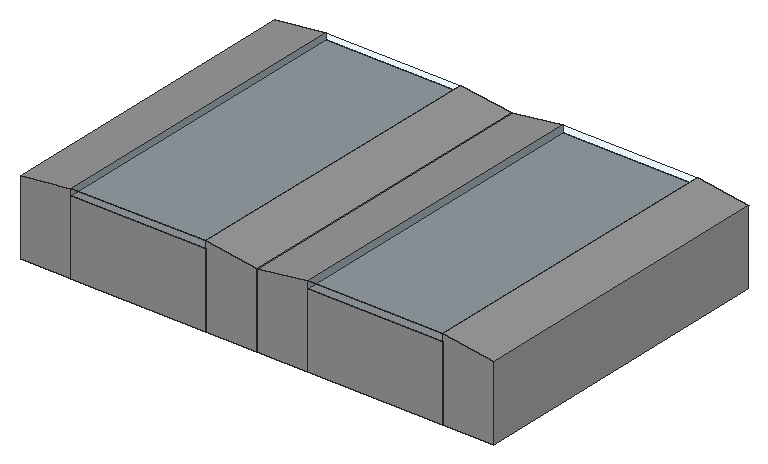
Revit family "ElectricalEquipment_Hager_TPNLighting&Power_125ADualMeterIncomerKits", category Electrical Equipment, host Face, Revit 2015
Parameters (values of type "JKD125PM")
  _DistributedBy = "www.bimstore.co.uk"
  _CurrentRevision = 0
  _CreatedBy = "MajentaSolutions"
  _BimstoreBibleVersion = "V14"
  _BimSpecGuid = 0
  _Author = "MajentaSolutions"
  WarrantyStartDate [instance] = ""
  WarrantyGuarantorParts = "2"
  WarrantyGuarantorLabor = ""
  WarrantyDurationUnit = "Years"
  WarrantyDurationParts = 2
  WarrantyDurationLabor = 0
  WarrantyDescription = "See Manufacturer"
  Voltage = "230V"
  URL = "http://www.hager.co.uk/"
  TypeName = Category  # "ElectricalEquipment"
  Type Comments = Model  # "JKD125PM"
  TagNumber [instance] = ""
  SustainabilityPerformance = ""
  Size = ""
  built-in parameter 1140080 [instance] = "16kA"
  Shape = "Rectangular"
  ServiceLifeDuration = 0
  SerialNumber [instance] = ""
  ReplacementCost = 0
  Outgoing = "63A"
  NominalWidth = 930 mm
  NominalLength = 0 mm  # constant formula
  NominalHeight = 625 mm
  NominalDepth = 165.5 mm
  Neutral Rating = 1  # 100.00%
  NBSReference = ClassificationValue  # "Pr_80_77_28_16"
  NBSOfficeMasterTag = "n/a"
  NBSObjectName = "Hager_DualMeteredBoards_JKD125PM"
  NBSNote = ""
  NBSDescription = Category  # "ElectricalEquipment"
  built-in parameter 1140081 [instance] = "ElectricalEquipment"
  ModelReference = ""
  ModelNumber = ""
  ModelLabel = ""
  Model = "JKD125PM"
  Material = "MildSteel,ABS,AcousticComposite"
  ManufacturerName = Manufacturer  # "Hager"
  Manufacturer = "Hager"
  Mains Type = "AC"
  Keynote = "V"
  InstallationDate [instance] = ""
  Incoming = "125A"
  IfcExportType = ""
  IfcExportAs = "ElectricalEquipment"
  Grade = ""
  Finish = ""
  Features = Description  # "125ADualMultiFunctionMeteredIncomer.PulsedAndModbus.SideBySide"
  ExpectedLife = 10
  EAN = "3250610433461"
  DurationUnit = "Years"
  DocumentationTechnical = "http://www.hager.co.uk/product-catalogue/energy-distribution/consumer-units/design-range-of-consumer-units/design-10/51386.htm"
  DocumentationMaintenance = ""
  DocumentationLiterature = "http://www.hager.co.uk/product-catalogue/energy-distribution/consumer-units/design-range-of-consumer-units/design-10/51386.htm"
  DocumentationInstallationGuide = ""
  DocumentationCertificates = ""
  Description = "125ADualMultiFunctionMeteredIncomer.PulsedAndModbus.SideBySide"
  Default Elevation = 500 mm
  CreatedOn = "22.06.17"
  CreatedBy = "MajentaSolutions"
  Constituents = ""
  Colour = "RAL 9010 White Gloss"
  CodePerformance = ""
  ClassificationValue = "Pr_80_77_28_16"
  ClassificationName = "Uniclass2015"
  Category = "ElectricalEquipment"
  BarCode [instance] = ""
  BIMObjectName = "Hager_ElectricalEquipment_DualMeteredBoards_JKD125PM"
  AssetType = "Fixed"
  AssetIdentifier [instance] = ""
  Assembly Code = "D5010"
  AccessibilityPerformance = ""
Reference planes
  plane 1 "Center (Front/Back)": y = 0
  plane 2: z = 0
  plane 3 "Center (Left/Right)": x = 0
  plane 4: y = 312.5
  plane 5: z = 165.5
  plane 6: y = -312.5
  plane 7: z = 145.5
Forms (mm)
  Extrusion 1, solid, material "MildSteel,ABS,AcousticComposite", detail levels fine
    sketch origin (-232.5, 0, 0) x (1, 0, 0) y (0, 0, 1)
      loop
        line (-132.5, 0) -> (132.5, 0) -> (132.5, 145.5) -> (-132.5, 145.5) -> (-132.5, 0)
    from -312.5 to 312.5
  Extrusion 2, solid, detail levels medium
    sketch origin (-232.5, 0, 0) x (1, 0, 0) y (0, 1, 0)
      loop
        line (-232.5, 312.5) -> (-232.5, -312.5) -> (232.5, -312.5) -> (232.5, 312.5) -> (-232.5, 312.5)
    from 0 to 165.5
  Extrusion 3, solid, material "Steel-Monodraught-HTM-Polished", detail levels medium+fine
    sketch origin (-232.5, 0, 0) x (1, 0, 0) y (0, 0, 1)
      loop
        line (-232.5, 145.5) -> (-232.5, 0) -> (232.5, 0) -> (232.5, 145.5)
        arc (232.5, 145.5) -> (182.626, 153.208) -> (132.5, 159.059) r 1359.262
        line (132.5, 159.059) -> (132.5, 145.5) -> (-132.5, 145.5) -> (-132.5, 159.059)
        arc (-132.5, 159.059) -> (-182.626, 153.208) -> (-232.5, 145.5) r 1359.262
    from -312.5 to 312.5
  Extrusion 4, solid, material "Glass", detail levels medium+fine
    sketch origin (-232.5, 0, 0) x (1, 0, 0) y (0, 0, 1)
      loop
        line (-132.5, 145.5) -> (132.5, 145.5) -> (132.5, 159.059)
        arc (132.5, 159.059) -> (0, 165.532) -> (-132.5, 159.059) r 1359.262
        line (-132.5, 159.059) -> (-132.5, 145.5)
    from -312.5 to 312.5
  Extrusion 5, solid, material "MildSteel,ABS,AcousticComposite", detail levels fine
    sketch origin (232.5, 0, 0) x (1, 0, 0) y (0, 0, 1)
      loop
        line (-132.5, 0) -> (132.5, 0) -> (132.5, 145.5) -> (-132.5, 145.5) -> (-132.5, 0)
    from -312.5 to 312.5
  Extrusion 6, solid, detail levels medium
    sketch origin (232.5, 0, 0) x (1, 0, 0) y (0, 1, 0)
      loop
        line (-232.5, 312.5) -> (-232.5, -312.5) -> (232.5, -312.5) -> (232.5, 312.5) -> (-232.5, 312.5)
    from 0 to 165.5
  Extrusion 7, solid, material "Steel-Monodraught-HTM-Polished", detail levels medium+fine
    sketch origin (232.5, 0, 0) x (1, 0, 0) y (0, 0, 1)
      loop
        line (-232.5, 145.5) -> (-232.5, 0) -> (232.5, 0) -> (232.5, 145.5)
        arc (232.5, 145.5) -> (182.626, 153.208) -> (132.5, 159.059) r 1359.262
        line (132.5, 159.059) -> (132.5, 145.5) -> (-132.5, 145.5) -> (-132.5, 159.059)
        arc (-132.5, 159.059) -> (-182.626, 153.208) -> (-232.5, 145.5) r 1359.262
    from -312.5 to 312.5
  Extrusion 8, solid, material "Glass", detail levels medium+fine
    sketch origin (232.5, 0, 0) x (1, 0, 0) y (0, 0, 1)
      loop
        line (-132.5, 145.5) -> (132.5, 145.5) -> (132.5, 159.059)
        arc (132.5, 159.059) -> (0, 165.532) -> (-132.5, 159.059) r 1359.262
        line (-132.5, 159.059) -> (-132.5, 145.5)
    from -312.5 to 312.5
Lines and regions (mm)
  symbolic lines, style "ElectricalEquipment"
    curve 1: line (-232.5, 0, 141.286) -> (232.5, 0, 141.286)
    curve 2: line (-232.5, 0, 0) -> (-232.5, 0, 141.286)
    curve 3: line (232.5, 0, 0) -> (-232.5, 0, 0)
    curve 4: line (232.5, 0, 141.286) -> (232.5, 0, 0)
    curve 5: line (-232.5, 0, 0) -> (232.5, 0, 141.286)
    curve 14: line (232.5, 0, 0) -> (232.5, 0, 141.286)
  model lines
    curve 6: line (-465, 312.5, 0) -> (-465, -312.5, 0)
    curve 7: line (0, 312.5, 0) -> (-465, 312.5, 0)
    curve 8: line (0, 312.5, 0) -> (0, -312.5, 0)
    curve 9: line (0, -312.5, 0) -> (-465, -312.5, 0)
    curve 10: line (-365, 312.5, 0) -> (-365, -312.5, 0)
    curve 11: line (-100, 312.5, 0) -> (-100, -312.5, 0)
    curve 15: line (0, 312.5, 0) -> (0, -312.5, 0)
    curve 16: line (465, 312.5, 0) -> (0, 312.5, 0)
    curve 17: line (465, 312.5, 0) -> (465, -312.5, 0)
    curve 18: line (465, -312.5, 0) -> (0, -312.5, 0)
    curve 19: line (100, 312.5, 0) -> (100, -312.5, 0)
    curve 20: line (365, 312.5, 0) -> (365, -312.5, 0)
  symbolic lines
    curve 12: line (-465, 0, 145.5) -> (-465, 0, 615.5)
    curve 13: arc (-465, 0, 615.5) -> (-135.317, 0, 473.643) -> (0.619, 0, 141.474) r 474.313
    curve 21: line (0, 0, 145.5) -> (0, 0, 615.5)
    curve 22: arc (0, 0, 615.5) -> (329.683, 0, 473.643) -> (465.619, 0, 141.474) r 474.313
Dimensions and locks
  "NominalDepth": plane 5 to plane 2
  locked: plane 5 to plane 7 at 20
  equal spacing: plane 6, plane 1 "Center (Front/Back)", plane 4
  "NominalHeight": plane 6 to plane 4
  "NominalWidth": Extrusion 3 to Extrusion 7
  aligned and locked: plane 2 to host face
  aligned and locked: level to host face
  aligned and locked: plane 6 to Extrusion 1
  aligned and locked: Extrusion 1 to plane 4
  aligned and locked: curve 7 to plane 4
  aligned and locked: curve 9 to plane 6
  aligned and locked: Extrusion 2 sketch curve to curve 7
  aligned and locked: Extrusion 2 sketch curve to curve 6
  aligned and locked: Extrusion 2 sketch curve to curve 9
  aligned and locked: Extrusion 2 sketch curve to curve 8
  aligned and locked: plane 5 to Extrusion 2
  aligned and locked: Extrusion 2 to level
  aligned and locked: Extrusion 3 sketch curve to plane 2
  aligned and locked: Extrusion 4 sketch curve to plane 7
  aligned and locked: plane 6 to Extrusion 4
  aligned and locked: Extrusion 4 to plane 4
  aligned and locked: Extrusion 3 to plane 4
  aligned and locked: plane 6 to Extrusion 3
  aligned and locked: Extrusion 6 sketch curve to curve 16
  aligned and locked: Extrusion 6 sketch curve to curve 15
  aligned and locked: Extrusion 6 sketch curve to curve 18
  aligned and locked: Extrusion 6 sketch curve to curve 17
  aligned and locked: Extrusion 7 to plane 4
  aligned and locked: Extrusion 8 to plane 4
  aligned and locked: plane 6 to Extrusion 7
  aligned and locked: plane 6 to Extrusion 8
  aligned and locked: plane 6 to Extrusion 5
  aligned and locked: Extrusion 5 to plane 4
Automatic sketch dimensions
  host sketch curve to host sketch curve = 2438.4 mm  (x2)
  curve 8 to plane 3 "Center (Left/Right)" = 0 mm
  curve 6 to curve 10 = 100 mm
  curve 20 to curve 16 = 100 mm
  Extrusion 1 sketch curve to plane 7 = 0 mm
  Extrusion 1 sketch curve to level = 0 mm
  Extrusion 3 sketch curve to Extrusion 3 sketch curve = 0 mm  (x4)
  Extrusion 3 sketch curve to plane 7 = 0 mm  (x3)
  Extrusion 3 sketch curve to plane 3 "Center (Left/Right)" = 0 mm
  Extrusion 3 sketch curve to Extrusion 3 sketch curve = 100 mm
  Extrusion 3 sketch curve to plane 5 = 6.441 mm
  Extrusion 3 sketch curve to plane 3 "Center (Left/Right)" = 100 mm
  Extrusion 4 sketch curve to level = 1193.73 mm
  Extrusion 4 sketch curve to plane 5 = 6.441 mm
  Extrusion 5 sketch curve to plane 7 = 0 mm
  Extrusion 5 sketch curve to level = 0 mm
  Extrusion 7 sketch curve to Extrusion 7 sketch curve = 0 mm  (x4)
  Extrusion 7 sketch curve to level = 0 mm
  Extrusion 7 sketch curve to plane 3 "Center (Left/Right)" = 0 mm
  Extrusion 7 sketch curve to plane 7 = 0 mm  (x3)
  Extrusion 7 sketch curve to plane 5 = 6.441 mm  (x2)
  plane 3 "Center (Left/Right)" to Extrusion 7 sketch curve = 100 mm
  Extrusion 8 sketch curve to plane 7 = 0 mm
  Extrusion 8 sketch curve to level = 1193.73 mm
  Extrusion 8 sketch curve to plane 5 = 6.441 mm
  curve 12 to plane 7 = 0 mm
  curve 3 to level = 0 mm
  curve 21 to plane 3 "Center (Left/Right)" = 0 mm
  curve 21 to plane 7 = 0 mm
  curve 13 to plane 7 = 4.234 mm
  curve 13 to curve 12 = 8.694 mm
  curve 22 to plane 7 = 4.234 mm
  curve 22 to plane 3 "Center (Left/Right)" = 8.694 mm
  curve 5 to plane 7 = 4.214 mm
  plane 5 to curve 21 = 450 mm
  plane 5 to curve 12 = 450 mm
  plane 3 "Center (Left/Right)" to curve 13 = 0.619 mm
  curve 22 to plane 7 = 4.026 mm
  curve 12 to curve 22 = 465 mm
  plane 3 "Center (Left/Right)" to curve 14 = 232.5 mm
  curve 7 to curve 16 = 465 mm
  curve 8 to curve 19 = 100 mm
  plane 3 "Center (Left/Right)" to Extrusion 5 sketch curve = 100 mm
  Extrusion 5 sketch curve to Extrusion 5 sketch curve = 265 mm
  plane 3 "Center (Left/Right)" to Extrusion 7 sketch curve = 232.5 mm
  Extrusion 7 sketch curve to Extrusion 7 sketch curve = 265 mm
  plane 3 "Center (Left/Right)" to Extrusion 8 sketch curve = 100 mm
  plane 3 "Center (Left/Right)" to Extrusion 8 sketch curve = 232.5 mm
  Extrusion 8 sketch curve to Extrusion 8 sketch curve = 265 mm
  curve 3 to plane 3 "Center (Left/Right)" = 232.5 mm
  curve 6 to plane 3 "Center (Left/Right)" = 465 mm
  curve 11 to plane 3 "Center (Left/Right)" = 100 mm
  Extrusion 1 sketch curve to plane 3 "Center (Left/Right)" = 365 mm
  Extrusion 1 sketch curve to plane 3 "Center (Left/Right)" = 100 mm
  Extrusion 3 sketch curve to plane 3 "Center (Left/Right)" = 232.5 mm
  Extrusion 3 sketch curve to Extrusion 3 sketch curve = 265 mm
  Extrusion 4 sketch curve to plane 3 "Center (Left/Right)" = 365 mm
  Extrusion 4 sketch curve to plane 3 "Center (Left/Right)" = 232.5 mm
  Extrusion 4 sketch curve to plane 3 "Center (Left/Right)" = 100 mm
Connectors
  electrical at (-232.5, 0, 0)
    settings: on Extrusion 2, index 1, voltage 0 V, apparent load 0 VA, apparent load phase1 0 VA, apparent load phase2 0 VA, apparent load phase3 0 VA, power factor 1, load classification "Other", number of poles 1, system type 31, power factor state 1, is connector primary yes, connector utility no, sub classification motor no, connector description ""
